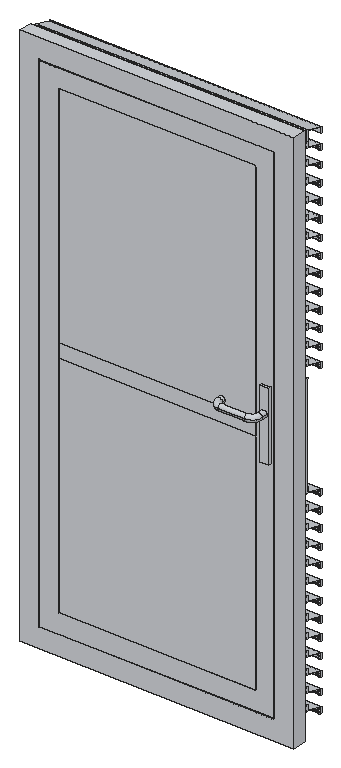
Revit family "NLRS_31_DO_WB_HF66-66 enkele deur-AV_jazo_jazo", category Doors, host Wall, Revit 2020 (continued)
Definition of nested family "NLRS_31_GM_UN_aluminium planken opbouwroosters-AV"
  Definition of nested family "NLRS_31_GM_UN_tussenplank 100 horziontaal-AV"
    Parameters (values of type "tussenplank 100mm horzitontaal boven")
      NLRS_C_zichtbaar_01 = no
      NLRS_C_materiaal = none
      NLRS_C_hoogte = 105 mm  # constant formula
      NLRS_C_breedte = 1153 mm
      Model = ""
      Manufacturer = "Jazo Zevenaar bv"
      Description = "Aluminium tussenplank 100mm horzitontaal boven"
      Default Elevation = 0 mm
      Assembly Code = "23.30.10.11"
    Types (2, lengths in mm): name | NLRS_C_zichtbaar_02 | NLRS_C_zichtbaar_01 | Description
      tussenplank 100mm horzitontaal boven | yes | no | "Aluminium tussenplank 100mm horzitontaal boven"
      tussenplank 100mm horzitontaal onder | no | yes | "Aluminium tussenplank 100mm horzitontaal onder"
    Reference planes
      plane 1 "Center (Front/Back)": y = 0
      plane 2 "Bottom": z = 0
      plane 3 "Center (Left/Right)": x = 0
      plane 4 "Left": x = -576.5
      plane 5 "Right": x = 576.5
      plane 6 "Top": z = 105
    Forms (mm)
      Extrusion 1, solid, material <- "NLRS_C_materiaal", visible <- "NLRS_C_zichtbaar_01"
        sketch origin (0, 0, 0) x (0, 1, 0) y (0, 0, 1)
          loop
            line (14.992, 99.515) -> (12.492, 99.515) -> (12.492, 102.92) -> (7.192, 105) -> (-7.192, 105) -> (-12.508, 102.92) -> (-12.508, 99.515) -> (-15.008, 99.515) -> (-15.008, 0) -> (-13.008, 0) -> (-13.008, 3.247) -> (-7.287, 5.485) -> (7.287, 5.485) -> (12.992, 3.247) -> (12.992, 0) -> (14.992, 0) -> (14.992, 99.515)
          loop
            line (-13.008, 8) -> (12.992, 8) -> (12.992, 16.2) -> (10.492, 16.2) -> (10.492, 18.2) -> (12.992, 18.2) -> (12.992, 97.515) -> (10.742, 97.515) -> (10.742, 102.3) -> (-10.758, 102.3) -> (-10.758, 97.515) -> (-13.008, 97.515) -> (-13.008, 18.2) -> (-10.508, 18.2) -> (-10.508, 16.2) -> (-13.008, 16.2) -> (-13.008, 8)
        from -576.5 to 576.5
      Extrusion 2, solid, material <- "NLRS_C_materiaal", visible <- "NLRS_C_zichtbaar_02"
        sketch origin (0, -0.008, 105) x (0, -1, 0) y (0, 0, -1)
          loop
            line (14.992, 99.515) -> (12.492, 99.515) -> (12.492, 102.92) -> (7.192, 105) -> (-7.192, 105) -> (-12.508, 102.92) -> (-12.508, 99.515) -> (-15.008, 99.515) -> (-15.008, 0) -> (-13.008, 0) -> (-13.008, 3.247) -> (-7.287, 5.485) -> (7.287, 5.485) -> (12.992, 3.247) -> (12.992, 0) -> (14.992, 0) -> (14.992, 99.515)
          loop
            line (-13.008, 8) -> (12.992, 8) -> (12.992, 16.2) -> (10.492, 16.2) -> (10.492, 18.2) -> (12.992, 18.2) -> (12.992, 97.515) -> (10.742, 97.515) -> (10.742, 102.3) -> (-10.758, 102.3) -> (-10.758, 97.515) -> (-13.008, 97.515) -> (-13.008, 18.2) -> (-10.508, 18.2) -> (-10.508, 16.2) -> (-13.008, 16.2) -> (-13.008, 8)
        from -576.5 to 576.5
    Dimensions and locks
      equal spacing: plane 4 "Left", plane 3 "Center (Left/Right)", plane 5 "Right"
      "NLRS_C_breedte": plane 4 "Left" to plane 5 "Right"
      "NLRS_C_hoogte": plane 6 "Top" to plane 2 "Bottom"
      aligned and locked: level to plane 2 "Bottom"
      aligned and locked: plane 4 "Left" to Extrusion 1
      aligned and locked: Extrusion 1 to plane 5 "Right"
      aligned and locked: plane 4 "Left" to Extrusion 2
      aligned and locked: Extrusion 2 to plane 5 "Right"
    Automatic sketch dimensions
      plane 1 "Center (Front/Back)" to Extrusion 1 sketch curve = 15.008 mm
      Extrusion 1 sketch curve to Extrusion 1 sketch curve = 2 mm  (x5)
      level to Extrusion 1 sketch curve = 18.2 mm
      Extrusion 1 sketch curve to Extrusion 1 sketch curve = 0 mm  (x5)
      Extrusion 1 sketch curve to Extrusion 1 sketch curve = 2.5 mm  (x2)
      Extrusion 1 sketch curve to Extrusion 1 sketch curve = 2.25 mm
      Extrusion 1 sketch curve to Extrusion 1 sketch curve = 5.721 mm
      Extrusion 1 sketch curve to Extrusion 1 sketch curve = 3.565 mm
      Extrusion 1 sketch curve to Extrusion 1 sketch curve = 14.385 mm
      Extrusion 1 sketch curve to Extrusion 1 sketch curve = 14.574 mm
      level to Extrusion 1 sketch curve = 16.2 mm  (x2)
      Extrusion 1 sketch curve to Extrusion 1 sketch curve = 3.205 mm
      Extrusion 1 sketch curve to Extrusion 1 sketch curve = 3.55 mm
      Extrusion 1 sketch curve to Extrusion 1 sketch curve = 1.75 mm
      Extrusion 1 sketch curve to Extrusion 1 sketch curve = 0.5 mm
      level to Extrusion 1 sketch curve = 3.247 mm  (x2)
      Extrusion 1 sketch curve to Extrusion 1 sketch curve = 3.247 mm  (x2)
      Extrusion 1 sketch curve to Extrusion 1 sketch curve = 2.239 mm
      Extrusion 1 sketch curve to Extrusion 1 sketch curve = 4.753 mm
      Extrusion 1 sketch curve to Extrusion 1 sketch curve = 79.315 mm
      Extrusion 1 sketch curve to Extrusion 1 sketch curve = 2.785 mm
      Extrusion 1 sketch curve to Extrusion 1 sketch curve = 0.62 mm  (x2)
      Extrusion 1 sketch curve to Extrusion 1 sketch curve = 2.7 mm
      Extrusion 2 sketch curve to plane 6 "Top" = 0 mm  (x2)
      Extrusion 2 sketch curve to level = 0 mm
      level to Extrusion 2 sketch curve = 5.485 mm
      Extrusion 2 sketch curve to plane 1 "Center (Front/Back)" = 15 mm
      Extrusion 2 sketch curve to Extrusion 2 sketch curve = 2 mm  (x6)
      Extrusion 2 sketch curve to Extrusion 2 sketch curve = 0 mm  (x4)
      level to Extrusion 2 sketch curve = 2.08 mm  (x2)
      Extrusion 2 sketch curve to Extrusion 2 sketch curve = 2.5 mm  (x2)
      Extrusion 2 sketch curve to Extrusion 2 sketch curve = 2.25 mm
      Extrusion 2 sketch curve to Extrusion 2 sketch curve = 5.721 mm
      Extrusion 2 sketch curve to Extrusion 2 sketch curve = 3.565 mm
      Extrusion 2 sketch curve to Extrusion 2 sketch curve = 14.385 mm
      Extrusion 2 sketch curve to plane 6 "Top" = 5.485 mm
      Extrusion 2 sketch curve to Extrusion 2 sketch curve = 14.574 mm
      Extrusion 2 sketch curve to Extrusion 2 sketch curve = 3.205 mm
      Extrusion 2 sketch curve to Extrusion 2 sketch curve = 3.55 mm
      Extrusion 2 sketch curve to Extrusion 2 sketch curve = 1.75 mm
      Extrusion 2 sketch curve to Extrusion 2 sketch curve = 0.5 mm
      Extrusion 2 sketch curve to plane 6 "Top" = 3.247 mm
      Extrusion 2 sketch curve to Extrusion 2 sketch curve = 3.247 mm
      Extrusion 2 sketch curve to Extrusion 2 sketch curve = 4.753 mm
      Extrusion 2 sketch curve to Extrusion 2 sketch curve = 8.2 mm  (x2)
      Extrusion 2 sketch curve to Extrusion 2 sketch curve = 5.406 mm
      Extrusion 2 sketch curve to Extrusion 2 sketch curve = 0.62 mm
  Definition of nested family "NLRS_31_GM_UN_tussenplank 200 horizontaal-AV"
    Parameters (values of type "tussenplank 200mm")
      URL = "www.jazo.com"
      NLRS_C_zichtbaar_01 [instance] = yes
      NLRS_C_materiaal = none
      NLRS_C_hoogte = 205 mm  # constant formula
      NLRS_C_breedte = 1027 mm
      Model = ""
      Manufacturer = "Jazo Zevenaar bv"
      Description = "Aluminium tussenplank 200mm"
      Default Elevation = 0 mm
      Assembly Code = "23.30.10.11"
    Reference planes
      plane 1 "Center (Front/Back)": y = 0
      plane 2 "Bottom": z = 0
      plane 3 "Center (Left/Right)": x = 0
      plane 4 "Top": z = 205
      plane 5 "Left": x = -513.5
      plane 6 "Right": x = 513.5
      plane 7 "Center (Elevation)": z = 102.5
    Forms (mm)
      Extrusion 1, solid, material <- "NLRS_C_materiaal"
        sketch origin (0, 0, 0) x (0, 1, 0) y (0, 0, 1)
          loop
            line (14.992, 101.796) -> (14.284, 102.504) -> (14.992, 103.212) -> (14.992, 199.515) -> (12.492, 199.515) -> (12.492, 202.92) -> (7.192, 205) -> (-7.192, 205) -> (-12.508, 202.92) -> (-12.508, 199.515) -> (-15.008, 199.515) -> (-15.008, 103.207) -> (-14.301, 102.5) -> (-15.008, 101.793) -> (-15.008, 0) -> (-13.008, 0) -> (-13.008, 3.21) -> (-7.192, 5.485) -> (7.192, 5.485) -> (12.992, 3.21) -> (12.992, 0) -> (14.992, 0) -> (14.992, 101.796)
          loop
            line (-13.008, 8) -> (12.992, 8) -> (12.992, 16.2) -> (10.492, 16.2) -> (10.492, 18.2) -> (12.992, 18.2) -> (12.992, 103.907) -> (-13.008, 103.907) -> (-13.008, 18.2) -> (-10.508, 18.2) -> (-10.508, 16.2) -> (-13.008, 16.2) -> (-13.008, 8)
          loop
            line (-13.008, 105.907) -> (12.992, 105.907) -> (12.992, 197.515) -> (10.742, 197.515) -> (10.742, 202.3) -> (-10.758, 202.3) -> (-10.758, 197.515) -> (-13.008, 197.515) -> (-13.008, 105.907)
        from -513.5 to 513.5
    Dimensions and locks
      equal spacing: plane 5 "Left", plane 3 "Center (Left/Right)", plane 6 "Right"
      "NLRS_C_breedte": plane 5 "Left" to plane 6 "Right"
      "NLRS_C_hoogte": plane 4 "Top" to plane 2 "Bottom"
      equal spacing: plane 4 "Top", plane 7 "Center (Elevation)", level
      aligned and locked: level to plane 2 "Bottom"
      aligned and locked: plane 5 "Left" to Extrusion 1
      aligned and locked: Extrusion 1 to plane 6 "Right"
    Automatic sketch dimensions
      plane 1 "Center (Front/Back)" to Extrusion 1 sketch curve = 15.008 mm
      Extrusion 1 sketch curve to Extrusion 1 sketch curve = 0 mm  (x5)
      Extrusion 1 sketch curve to Extrusion 1 sketch curve = 0.707 mm  (x2)
      Extrusion 1 sketch curve to Extrusion 1 sketch curve = 2 mm  (x8)
      Extrusion 1 sketch curve to Extrusion 1 sketch curve = 1.293 mm
      Extrusion 1 sketch curve to Extrusion 1 sketch curve = 2.5 mm  (x2)
      Extrusion 1 sketch curve to Extrusion 1 sketch curve = 1.75 mm  (x2)
      Extrusion 1 sketch curve to Extrusion 1 sketch curve = 3.565 mm
      Extrusion 1 sketch curve to Extrusion 1 sketch curve = 5.815 mm
      Extrusion 1 sketch curve to Extrusion 1 sketch curve = 14.385 mm  (x2)
      level to Extrusion 1 sketch curve = 18.2 mm  (x2)
      Extrusion 1 sketch curve to Extrusion 1 sketch curve = 3.3 mm
      Extrusion 1 sketch curve to Extrusion 1 sketch curve = 3.55 mm
      Extrusion 1 sketch curve to Extrusion 1 sketch curve = 5.8 mm
      Extrusion 1 sketch curve to Extrusion 1 sketch curve = 1.292 mm
      Extrusion 1 sketch curve to Extrusion 1 sketch curve = 0.708 mm  (x3)
      Extrusion 1 sketch curve to Extrusion 1 sketch curve = 8.2 mm
      Extrusion 1 sketch curve to Extrusion 1 sketch curve = 2.515 mm
      Extrusion 1 sketch curve to Extrusion 1 sketch curve = 4.79 mm  (x2)
      Extrusion 1 sketch curve to Extrusion 1 sketch curve = 3.21 mm  (x2)
      level to Extrusion 1 sketch curve = 101.793 mm
      Extrusion 1 sketch curve to Extrusion 1 sketch curve = 0.003 mm
      Extrusion 1 sketch curve to Extrusion 1 sketch curve = 1.407 mm
      Extrusion 1 sketch curve to Extrusion 1 sketch curve = 91.607 mm
      Extrusion 1 sketch curve to Extrusion 1 sketch curve = 2.785 mm
      Extrusion 1 sketch curve to Extrusion 1 sketch curve = 0.62 mm  (x2)
      Extrusion 1 sketch curve to Extrusion 1 sketch curve = 2.7 mm
Definition of nested family "NLRS_31_DI_UN_markering"
  Parameters (values of type "NLRS_C_31_DI_markering")
    URL = "www.jazo.com"
    NLRS_C_zichtbaar_01 = if(or(NLRS_C_brandwerend, NLRS_C_zelfsluitend), 1 < 2, 2 < 1)  # no
    NLRS_C_zelfsluitend = no
    NLRS_C_brandwerend = no
    Manufacturer = "JAZO Zevenaar bv"
    Description = "Markering detail"
  Reference planes
    plane 1 "Center (Front/Back)": y = 0
    plane 2: z = 0
    plane 3 "Center (Left/Right)": x = 0
    plane 4 "voorkant kozijn": y = 30
    plane 5 "achterkant kozijn": y = -30
    plane 6 "Right": x = 20
    plane 7 "Left": x = -20
    plane 8 "offset left": x = -25
    plane 9 "offset right": x = 25
    plane 10 "achterkant": y = -129.538
    plane 11 "voorkant": y = 129.538
  Lines and regions (mm)
    detail lines, in view "Ref. Level", visible <- "NLRS_C_zichtbaar_01"
      curve 1: line (0, -129.538, 0) -> (0, 129.538, 0)
    detail lines, in view "Ref. Level", visible <- "NLRS_C_brandwerend"
      curve 2: line (-20, -129.538, 0) -> (20, -101.53, 0)
      curve 3: line (20, -129.538, 0) -> (-20, -101.53, 0)
      curve 4: line (-20, -101.53, 0) -> (20, -73.522, 0)
      curve 5: line (20, -101.53, 0) -> (-20, -73.522, 0)
      curve 6: line (-20, 129.538, 0) -> (20, 101.53, 0)
      curve 7: line (20, 129.538, 0) -> (-20, 101.53, 0)
      curve 8: line (-20, 101.53, 0) -> (20, 73.522, 0)
      curve 9: line (20, 101.53, 0) -> (-20, 73.522, 0)
    detail lines, in view "Ref. Level", visible <- "NLRS_C_zelfsluitend"
      curve 10: line (-25, -70.021, 0) -> (25, -35.01, 0)
      curve 11: line (25, -35.01, 0) -> (-25, 0, 0)
      curve 12: line (-25, 0, 0) -> (25, 35.01, 0)
      curve 13: line (25, 35.01, 0) -> (-25, 70.021, 0)
  Dimensions and locks
    equal spacing: plane 5 "achterkant kozijn", plane 1 "Center (Front/Back)", plane 4 "voorkant kozijn"
    equal spacing: plane 7 "Left", plane 3 "Center (Left/Right)", plane 6 "Right"
    locked: plane 7 "Left" to plane 6 "Right" at 40
    locked: plane 8 "offset left" to plane 7 "Left" at 5
    locked: plane 6 "Right" to plane 9 "offset right" at 5
    equal spacing: plane 11 "voorkant", plane 1 "Center (Front/Back)", plane 10 "achterkant"
    locked: plane 11 "voorkant" to plane 10 "achterkant" at 259.077
    locked: plane 5 "achterkant kozijn" to plane 4 "voorkant kozijn" at 60
    aligned and locked: plane 3 "Center (Left/Right)" to curve 1
  Automatic sketch dimensions
    curve 12 to plane 8 "offset left" = 0 mm
    curve 10 to plane 8 "offset left" = 0 mm
    curve 13 to plane 8 "offset left" = 0 mm
    curve 3 to plane 7 "Left" = 0 mm
    curve 8 to plane 7 "Left" = 0 mm
    curve 9 to plane 7 "Left" = 0 mm
    curve 5 to plane 7 "Left" = 0 mm
    curve 6 to plane 7 "Left" = 0 mm
    curve 8 to plane 6 "Right" = 0 mm
    curve 9 to plane 6 "Right" = 0 mm
    curve 7 to plane 6 "Right" = 0 mm
    curve 2 to plane 6 "Right" = 0 mm
    curve 3 to plane 6 "Right" = 0 mm
    curve 4 to plane 6 "Right" = 0 mm
    curve 13 to plane 9 "offset right" = 0 mm
    curve 11 to plane 9 "offset right" = 0 mm
    plane 5 "achterkant kozijn" to curve 3 = 71.53 mm
    curve 3 to curve 2 = 0 mm
    plane 5 "achterkant kozijn" to curve 10 = 5.01 mm
    plane 1 "Center (Front/Back)" to curve 12 = 0 mm
    curve 12 to plane 4 "voorkant kozijn" = 5.01 mm
    curve 12 to curve 6 = 66.52 mm
    curve 7 to curve 6 = 0 mm
    curve 3 to curve 2 = 28.008 mm
    curve 2 to curve 4 = 28.008 mm
    curve 3 to curve 5 = 28.008 mm
    curve 5 to curve 10 = 3.501 mm
    curve 13 to curve 7 = 31.509 mm
    curve 8 to curve 6 = 28.008 mm
    curve 13 to curve 9 = 3.501 mm
    curve 7 to curve 1 = 28.008 mm
    curve 6 to curve 1 = 0 mm
    curve 1 to curve 7 = 0 mm
    curve 2 to plane 7 "Left" = 0 mm
    curve 2 to curve 3 = 28.008 mm
    curve 1 to curve 3 = 0 mm
Definition of nested family "NLRS_31_GA_UN_error message"
  Parameters (values of type "NLRS_31_GA_UN_error mesage")
    NLRS_C_zichtbaar_10 = if(NLRS_C_zichtbaar_01, 1 < 2, if(NLRS_C_zichtbaar_02, 1 < 2, if(NLRS_C_zichtbaar_03, 1 < 2, if(NLRS_C_zichtbaar_04, 1 < 2, if(NLRS_C_zichtbaar_05, 1 < 2, 2 < 1)))))  # yes
    NLRS_C_zichtbaar_05 = if(and(JAZO_C_aluminium kozijn, NLRS_C_brandwerend), 1 < 2, 2 < 1)  # yes
    NLRS_C_zichtbaar_04 = if(NLRS_C_breedte < NLRS_C_breedte_min, 1 < 2, 2 < 1)  # no
    NLRS_C_zichtbaar_03 = if(NLRS_C_breedte > NLRS_C_breedte_max, 1 < 2, 2 < 1)  # no
    NLRS_C_zichtbaar_02 = if(NLRS_C_hoogte < NLRS_C_hoogte_min, 1 < 2, 2 < 1)  # no
    NLRS_C_zichtbaar_01 = if(NLRS_C_hoogte > NLRS_C_hoogte_max, 1 < 2, 2 < 1)  # no
    NLRS_C_hoogte_min = 1850 mm
    NLRS_C_hoogte_max = 2645 mm
    NLRS_C_hoogte = 2500 mm
    NLRS_C_breedte_min = 850 mm
    NLRS_C_breedte_max = 1661 mm
    NLRS_C_breedte = 1000 mm
    NLRS_C_brandwerend = yes
    JAZO_C_aluminium kozijn = yes
  Reference planes
    plane 1: y = 0
    plane 2: x = 0
  Lines and regions (mm)
    Filled region 1, type "Zwart", not visible
      outline origin (253.64, 140.595, 0) x (1, 0, 0) y (0, 1, 0)
        loop
          line (134.592, 287.146) -> (41.891, 131.062)
          arc (41.891, 131.062) -> (41.863, 128.047) -> (44.47, 126.53) r 3
          line (44.47, 126.53) -> (229.873, 126.53)
          arc (229.873, 126.53) -> (232.48, 128.047) -> (232.452, 131.062) r 3
          line (232.452, 131.062) -> (139.751, 287.146)
          arc (139.751, 287.146) -> (137.171, 288.614) -> (134.592, 287.146) r 3
        loop
          line (62.04, 139.53) -> (212.303, 139.53) -> (137.171, 266.031) -> (62.04, 139.53)
    Filled region 2, type "Geel", not visible
      outline origin (253.64, 140.595, 0) x (1, 0, 0) y (0, 1, 0)
        loop
          line (62.04, 139.53) -> (212.303, 139.53) -> (137.171, 266.031) -> (62.04, 139.53)
    Filled region 3, type "Zwart", not visible
      outline origin (253.64, 140.595, 0) x (1, 0, 0) y (0, 1, 0)
        loop
          line (127.78, 234.406) -> (132.476, 171.156) -> (141.867, 171.156) -> (146.563, 234.406) -> (127.78, 234.406)
        loop
          circle (137.171, 160.994) r 7.044
    Filled region 4, type "Rood 2", visible <- "NLRS_C_zichtbaar_10"
      outline origin (0, 0, 0) x (1, 0, 0) y (0, 1, 0)
        loop
          line (-50, 14) -> (-50, -14) -> (50, -14) -> (50, 14) -> (-50, 14)
  Text (mm)
    text "Error: Height > Max Height" at (-1.89, -0.035, 0), visible <- "NLRS_C_zichtbaar_01"
    text "Error: Height < Min Height" at (-1.89, -0.035, 0), visible <- "NLRS_C_zichtbaar_02"
    text "Error: Width > Max Width" at (-1.89, -6.035, 0), visible <- "NLRS_C_zichtbaar_03"
    text "Error: Width < Min Width" at (-1.89, -6.035, 0), visible <- "NLRS_C_zichtbaar_04"
    text "Error: Aluminium kozijn ≠ brandwerend" at (-1.89, 5.965, 0), visible <- "NLRS_C_zichtbaar_05"
  Dimensions and locks
    equal spacing: Filled region 4 sketch curve, plane 1, Filled region 4 sketch curve
    Filled region 4 sketch curve to Filled region 4 sketch curve = 28 mm
    plane 1 to Filled region 4 sketch curve = 14 mm
    equal spacing: Filled region 4 sketch curve, plane 2, Filled region 4 sketch curve
    Filled region 4 sketch curve to plane 2 = 50 mm
Definition of nested family "NLRS_31_DI_UN_beslagbak detail HS50R HJ55"
  Parameters (values of type "beslagbak detail HS50R")
    URL = "www.jazo.com"
    Manufacturer = "JAZO Zevenaar bv"
    JAZO_C_opbouwrooster HS50R = no
    JAZO_C_forster presto kozijn = no
    JAZO_C_aluminium kozijn = no
    Description = "beslagbak detail HS50R"
  Reference planes
    plane 1 "Center (Front/Back)": y = 0
    plane 2: z = 0
    plane 3 "Center (Left/Right)": x = 0
    plane 4 "offset rechts": x = 99
    plane 5 "alu": y = -112.5
    plane 6 "st": y = -132.5
  Lines and regions (mm)
    Filled region 1, type "Solid Fill - White", in view "Ref. Level", visible <- "JAZO_C_aluminium kozijn"
      outline origin (0, 0, 0) x (1, 0, 0) y (0, 1, 0)
        loop
          line (11, -124.5) -> (16, -124.5) -> (16, -112.5) -> (-16, -112.5) -> (-16, -124.5) -> (-11, -124.5) -> (-11, -146.5)
          arc (-11, -146.5) -> (-15.027, -156.222) -> (-24.749, -160.249) r 13.749
          line (-24.749, -160.249) -> (-120.749, -160.249)
          arc (-120.749, -160.249) -> (-130.471, -156.222) -> (-134.497, -146.5) r 13.749
          line (-134.497, -146.5) -> (-134.497, -135.5) -> (-156.497, -135.5) -> (-156.497, -146.5)
          arc (-156.497, -146.5) -> (-146.027, -171.778) -> (-120.749, -182.249) r 35.749
          line (-120.749, -182.249) -> (-24.749, -182.249)
          arc (-24.749, -182.249) -> (0.529, -171.778) -> (11, -146.5) r 35.749
          line (11, -146.5) -> (11, -124.5)
    Filled region 2, type "Solid Fill - White", in view "Ref. Level", visible <- "JAZO_C_forster presto kozijn"
      outline origin (0, -20, 0) x (1, 0, 0) y (0, 1, 0)
        loop
          line (11, -124.5) -> (16, -124.5) -> (16, -112.5) -> (-16, -112.5) -> (-16, -124.5) -> (-11, -124.5) -> (-11, -146.5)
          arc (-11, -146.5) -> (-15.027, -156.222) -> (-24.749, -160.249) r 13.749
          line (-24.749, -160.249) -> (-120.749, -160.249)
          arc (-120.749, -160.249) -> (-130.471, -156.222) -> (-134.497, -146.5) r 13.749
          line (-134.497, -146.5) -> (-134.497, -135.5) -> (-156.497, -135.5) -> (-156.497, -146.5)
          arc (-156.497, -146.5) -> (-146.027, -171.778) -> (-120.749, -182.249) r 35.749
          line (-120.749, -182.249) -> (-24.749, -182.249)
          arc (-24.749, -182.249) -> (0.529, -171.778) -> (11, -146.5) r 35.749
          line (11, -146.5) -> (11, -124.5)
    Filled region 3, type "Solid Fill - White", in view "Ref. Level", visible <- "JAZO_C_opbouwrooster HS50R"
      outline origin (0, 0, 0) x (1, 0, 0) y (0, 1, 0)
        loop
          line (-25, -25.5) -> (-11, -25.5) -> (-11, -55.5) -> (-16, -55.5) -> (-16, -67.5) -> (16, -67.5) -> (16, -55.5) -> (11, -55.5) -> (11, -25.5) -> (25, -25.5) -> (25, -9.5) -> (-25, -9.5) -> (-25, -25.5)
    Filled region 4, type "Solid Fill - White", in view "Ref. Level", visible <- "JAZO_C_opbouwrooster HS50R"
      outline origin (0, 0, 0) x (1, 0, 0) y (0, 1, 0)
        loop
          line (95, 0) -> (93, 0) -> (93, -67.5) -> (-207.786, -67.5)
          arc (-207.786, -67.5) -> (-210.766, -68.734) -> (-212, -71.714) r 4.214
          line (-212, -71.714) -> (-212, -78.7) -> (-238, -78.7) -> (-238, -2.3) -> (-240, -2.3) -> (-240, -78.7)
          arc (-240, -78.7) -> (-239.414, -80.114) -> (-238, -80.7) r 2
          line (-238, -80.7) -> (-212, -80.7)
          arc (-212, -80.7) -> (-210.586, -80.114) -> (-210, -78.7) r 2
          line (-210, -78.7) -> (-210, -71.714)
          arc (-210, -71.714) -> (-209.41, -70.29) -> (-207.986, -69.7) r 2.014
          line (-207.986, -69.7) -> (95, -69.7) -> (95, 0)
    detail lines, in view "Ref. Level", visible <- "JAZO_C_aluminium kozijn"
      curve 1: line (-16, -124.5, 0) -> (16, -124.5, 0)
    detail lines, in view "Ref. Level", visible <- "JAZO_C_forster presto kozijn"
      curve 2: line (-16, -144.5, 0) -> (16, -144.5, 0)
    detail lines, in view "Ref. Level", visible <- "JAZO_C_opbouwrooster HS50R"
      curve 3: line (-11, -25.5, 0) -> (11, -25.5, 0)
      curve 4: line (-11, -55.5, 0) -> (11, -55.5, 0)
  Dimensions and locks
    locked: plane 3 "Center (Left/Right)" to plane 4 "offset rechts" at 99
    locked: plane 5 "alu" to plane 1 "Center (Front/Back)" at 112.5
    locked: plane 5 "alu" to plane 6 "st" at 20
Definition of nested family "NLRS_31_DI_UN_scharnier detail HS50R HJ55"
  Parameters (values of type "scharnier detail")
    URL = "www.jazo.com"
    Manufacturer = "Jazo Zevenaar BV"
    JAZO_C_forster presto kozijn = no
    JAZO_C_aluminium kozijn = yes
    Description = "scharnier detail"
  Reference planes
    plane 1 "Center (Front/Back)": y = 0
    plane 2: z = 0
    plane 3 "Center (Left/Right)": x = 0
    plane 4 "offset": x = 20
  Lines and regions (mm)
    Filled region 1, type "Solid Fill - White", in view "Ref. Level", visible <- "JAZO_C_forster presto kozijn"
      outline origin (0, 0, 0) x (1, 0, 0) y (0, 1, 0)
        loop
          line (95, 0) -> (95, 6)
          arc (95, 6) -> (93.536, 9.536) -> (90, 11) r 5
          line (90, 11) -> (33, 11)
          arc (33, 11) -> (27.343, 13.343) -> (25, 19) r 8
          line (25, 19) -> (25, 64.5) -> (15, 64.5) -> (15, 6) -> (19, 2) -> (44.5, 2) -> (44.5, 0) -> (95, 0)
        loop
          line (15.5, 69.7) -> (24.5, 69.7) -> (24.5, 78.7) -> (15.5, 78.7) -> (15.5, 69.7)
    Filled region 2, type "Solid Fill - White", in view "Ref. Level", visible <- "JAZO_C_forster presto kozijn"
      outline origin (0, 0, 0) x (1, 0, 0) y (0, 1, 0)
        loop
          circle (20, 74) r 9.5
    Filled region 3, type "Solid Fill - White", in view "Ref. Level", visible <- "JAZO_C_aluminium kozijn"
      outline origin (20.01, 81.5, 0) x (1, 0, 0) y (0, 1, 0)
        loop
          arc (-4, -81.5) -> (-3.293, -81.207) -> (-3, -80.5) r 1
          line (-3, -80.5) -> (-3, -12.49)
          arc (-3, -12.49) -> (-2.247, -10.702) -> (-0.442, -9.991) r 2.5
          arc (-0.442, -9.991) -> (1.661, -9.859) -> (3.69, -9.29) r 10
          arc (3.69, -9.29) -> (6.549, -9.038) -> (9.076, -10.4) r 5
          line (9.076, -10.4) -> (12.99, -14.314) -> (12.99, -80.5)
          arc (12.99, -80.5) -> (13.283, -81.207) -> (13.99, -81.5) r 1
          line (13.99, -81.5) -> (19.99, -81.5)
          arc (19.99, -81.5) -> (20.697, -81.207) -> (20.99, -80.5) r 1
          line (20.99, -80.5) -> (20.99, -11) -> (9.99, 0)
          arc (9.99, 0) -> (-1.629, 9.868) -> (-9.486, -3.195) r 10
          arc (-9.486, -3.195) -> (-9.518, -3.668) -> (-9.764, -4.074) r 1
          line (-9.764, -4.074) -> (-13, -7.31) -> (-13, -80.5)
          arc (-13, -80.5) -> (-12.707, -81.207) -> (-12, -81.5) r 1
          line (-12, -81.5) -> (-4, -81.5)
    detail lines, in view "Ref. Level", visible <- "JAZO_C_forster presto kozijn"
      curve 1: arc (11, 74, 0) -> (20, 65, 0) -> (29, 74, 0) r 9
      curve 2: arc (11.5, 74, 0) -> (20, 65.5, 0) -> (28.5, 74, 0) r 8.5
      curve 3: arc (28.5, 74, 0) -> (20, 82.5, 0) -> (11.5, 74, 0) r 8.5
      curve 4: arc (29, 74, 0) -> (20, 83, 0) -> (11, 74, 0) r 9
    detail lines, in view "Ref. Level", visible <- "JAZO_C_aluminium kozijn"
      curve 5: arc (10.524, 78.305, 0) -> (14.168, 73.376, 0) -> (20.004, 71.5, 0) r 10
      curve 6: arc (23.526, 72.137, 0) -> (28.23, 75.798, 0) -> (30.015, 81.485, 0) r 10
  Dimensions and locks
    locked: plane 3 "Center (Left/Right)" to plane 4 "offset" at 20
Definition of nested family "NLRS_31_GM_UN_scharnier aluminium HS50R HJ55-AV"
  Parameters (values of type "scharnier aluminium HS50R HJ55")
    URL = "www.jazo.com"
    NLRS_C_materiaal = none
    Model = ""
    Manufacturer = "JAZO Zevenaar bv"
    JAZO_C_aluminium kozijn = yes
    Description = "scharnier aluminium HS50R HJ55"
    Default Elevation = 0 mm
    Assembly Code = "23.30.40.24.11"
  Reference planes
    plane 1 "Center (Front/Back)": y = 0
    plane 2 "Bottom": z = 0
    plane 3 "Center (Left/Right)": x = 0
    plane 4 "voorkant kozijn": y = -81.5
    plane 5 "Top": z = 180
    plane 6 "Left": x = -20
  Forms (mm)
    Extrusion 1, solid, material <- "NLRS_C_materiaal", visible <- "JAZO_C_aluminium kozijn"
      sketch origin (-333.452, 147.952, 0) x (0, -1, 0) y (1, 0, 0)
        loop
          arc (157.242, 337.147) -> (138.898, 337.692) -> (151.05, 323.939) r 10
          arc (151.05, 323.939) -> (151.573, 323.943) -> (152.026, 323.683) r 1
          line (152.026, 323.683) -> (155.262, 320.447) -> (228.452, 320.447)
          arc (228.452, 320.447) -> (229.159, 320.74) -> (229.452, 321.447) r 1
          line (229.452, 321.447) -> (229.452, 329.447)
          arc (229.452, 329.447) -> (229.159, 330.154) -> (228.452, 330.447) r 1
          line (228.452, 330.447) -> (160.442, 330.447)
          arc (160.442, 330.447) -> (158.639, 331.215) -> (157.944, 333.047) r 2.5
          arc (157.944, 333.047) -> (157.809, 335.134) -> (157.242, 337.147) r 10
      from 52.5 to 127.5
    Extrusion 2, solid, material <- "NLRS_C_materiaal", visible <- "JAZO_C_aluminium kozijn"
      sketch origin (-333.462, 147.952, 0) x (0, -1, 0) y (1, 0, 0)
        loop
          arc (147.952, 343.447) -> (142.34, 325.17) -> (157.242, 337.147) r 10
          arc (157.242, 337.147) -> (156.99, 340.006) -> (158.352, 342.533) r 5
          line (158.352, 342.533) -> (162.266, 346.447) -> (228.452, 346.447)
          arc (228.452, 346.447) -> (229.159, 346.74) -> (229.452, 347.447) r 1
          line (229.452, 347.447) -> (229.452, 353.447)
          arc (229.452, 353.447) -> (229.159, 354.154) -> (228.452, 354.447) r 1
          line (228.452, 354.447) -> (158.952, 354.447) -> (147.952, 343.447)
      from 0 to 50
    Extrusion 3, solid, material <- "NLRS_C_materiaal", visible <- "JAZO_C_aluminium kozijn"
      sketch origin (-333.449, 147.952, 0) x (0, -1, 0) y (1, 0, 0)
        loop
          circle (147.952, 333.447) r 10
      from 50 to 52.5
    Extrusion 4, solid, material <- "NLRS_C_materiaal", visible <- "JAZO_C_aluminium kozijn"
      sketch origin (-333.447, 147.952, 0) x (0, -1, 0) y (1, 0, 0)
        loop
          circle (147.952, 333.447) r 10
      from 127.5 to 130
    Extrusion 5, solid, material <- "NLRS_C_materiaal", visible <- "JAZO_C_aluminium kozijn"
      sketch origin (-333.462, 147.952, 0) x (0, -1, 0) y (1, 0, 0)
        loop
          arc (147.952, 343.447) -> (142.34, 325.17) -> (157.242, 337.147) r 10
          arc (157.242, 337.147) -> (156.99, 340.006) -> (158.352, 342.533) r 5
          line (158.352, 342.533) -> (162.266, 346.447) -> (228.452, 346.447)
          arc (228.452, 346.447) -> (229.159, 346.74) -> (229.452, 347.447) r 1
          line (229.452, 347.447) -> (229.452, 353.447)
          arc (229.452, 353.447) -> (229.159, 354.154) -> (228.452, 354.447) r 1
          line (228.452, 354.447) -> (158.952, 354.447) -> (147.952, 343.447)
      from 130 to 180
  Dimensions and locks
    locked: plane 4 "voorkant kozijn" to plane 1 "Center (Front/Back)" at 81.5
    locked: plane 6 "Left" to plane 3 "Center (Left/Right)" at 20
    aligned and locked: level to plane 2 "Bottom"
    aligned and locked: Extrusion 2 to plane 4 "voorkant kozijn"
    aligned and locked: Extrusion 1 to plane 4 "voorkant kozijn"
    aligned and locked: Extrusion 5 to plane 4 "voorkant kozijn"
Definition of nested family "NLRS_31_GM_UN_door swing"
  Parameters (values of type "door swing")
    URL = "www.jazo.com"
    NLRS_C_hoek [instance] = 50.00°
    NLRS_C_breedte [instance] = 1000 mm
    Model = "Door swing"
    Manufacturer = "JAZO Zevenaar bv"
    Description = "Door swing"
    Default Elevation = 0 mm
  Reference planes
    plane 1 "Center (Front/Back)": y = 0
    plane 2: z = 0
    plane 3 "Center (Left/Right)": x = 0
    plane 4 "Left": x = -1000
  Lines and regions (mm)
    reference lines
      curve 1: line (0, 0, 0) -> (-642.788, 766.044, 0)
    model lines
      curve 2: line (0, 0, 0) -> (-642.788, 766.044, 0)
      curve 3: arc (-1000, 0, 0) -> (-906.308, 422.618, 0) -> (-642.788, 766.044, 0) r 1000
  Dimensions and locks
    "NLRS_C_breedte": plane 4 "Left" to plane 3 "Center (Left/Right)"
    "NLRS_C_breedte": curve 1 to curve 1
    "NLRS_C_hoek": angle curve 1 to plane 1 "Center (Front/Back)"
    aligned and locked: level to plane 2
    aligned and locked: plane 3 "Center (Left/Right)" to curve 1
    aligned and locked: plane 1 "Center (Front/Back)" to curve 1
    aligned and locked: curve 2 to curve 1
    aligned and locked: plane 3 "Center (Left/Right)" to curve 3
    aligned and locked: plane 1 "Center (Front/Back)" to curve 3  (x2)
    aligned and locked: curve 1 to curve 3
    aligned and locked: plane 4 "Left" to curve 3
  Automatic sketch dimensions
    plane 1 "Center (Front/Back)" to curve 2 = 0 mm
Definition of nested family "NLRS_31_GA_UN_error message paniekfunctie"
  Parameters (values of type "error message")
    NLRS_C_zichtbaar_01 = if(and(JAZO_C_paniekfunctie, JAZO_C_ventilerend, NLRS_C_inbraakwerend), 1 < 2, 2 < 1)  # yes
    NLRS_C_inbraakwerend = yes
    JAZO_C_ventilerend = yes
    JAZO_C_paniekfunctie = yes
  Reference planes
    plane 1: y = 0
    plane 2: x = 0
  Lines and regions (mm)
    Filled region 1, type "Zwart", not visible
      outline origin (253.64, 140.595, 0) x (1, 0, 0) y (0, 1, 0)
        loop
          line (134.592, 287.146) -> (41.891, 131.062)
          arc (41.891, 131.062) -> (41.863, 128.047) -> (44.47, 126.53) r 3
          line (44.47, 126.53) -> (229.873, 126.53)
          arc (229.873, 126.53) -> (232.48, 128.047) -> (232.452, 131.062) r 3
          line (232.452, 131.062) -> (139.751, 287.146)
          arc (139.751, 287.146) -> (137.171, 288.614) -> (134.592, 287.146) r 3
        loop
          line (62.04, 139.53) -> (212.303, 139.53) -> (137.171, 266.031) -> (62.04, 139.53)
    Filled region 2, type "Geel", not visible
      outline origin (253.64, 140.595, 0) x (1, 0, 0) y (0, 1, 0)
        loop
          line (62.04, 139.53) -> (212.303, 139.53) -> (137.171, 266.031) -> (62.04, 139.53)
    Filled region 3, type "Zwart", not visible
      outline origin (253.64, 140.595, 0) x (1, 0, 0) y (0, 1, 0)
        loop
          line (127.78, 234.406) -> (132.476, 171.156) -> (141.867, 171.156) -> (146.563, 234.406) -> (127.78, 234.406)
        loop
          circle (137.171, 160.994) r 7.044
    Filled region 4, type "Rood 2", visible <- "NLRS_C_zichtbaar_01"
      outline origin (0, 0, 0) x (1, 0, 0) y (0, 1, 0)
        loop
          line (-50, 14) -> (-50, -14) -> (50, -14) -> (50, 14) -> (-50, 14)
  Text (mm)
    text "De combinatie tussen inbraakwerend, ventilerend en paniekfunctie kan niet worden toegepast.\n1 van deze onderdelen moet worden uitgezet.\nVoor specificaties of mogelijkheden, neem contact op. " at (-0.015, -2.617, 0), visible <- "NLRS_C_zichtbaar_01"
    text "Error: paniekfunctie" at (-1.89, 5.965, 0), visible <- "NLRS_C_zichtbaar_01"
  Dimensions and locks
    equal spacing: Filled region 4 sketch curve, plane 1, Filled region 4 sketch curve
    Filled region 4 sketch curve to Filled region 4 sketch curve = 28 mm
    plane 1 to Filled region 4 sketch curve = 14 mm
    equal spacing: Filled region 4 sketch curve, plane 2, Filled region 4 sketch curve
    Filled region 4 sketch curve to plane 2 = 50 mm
